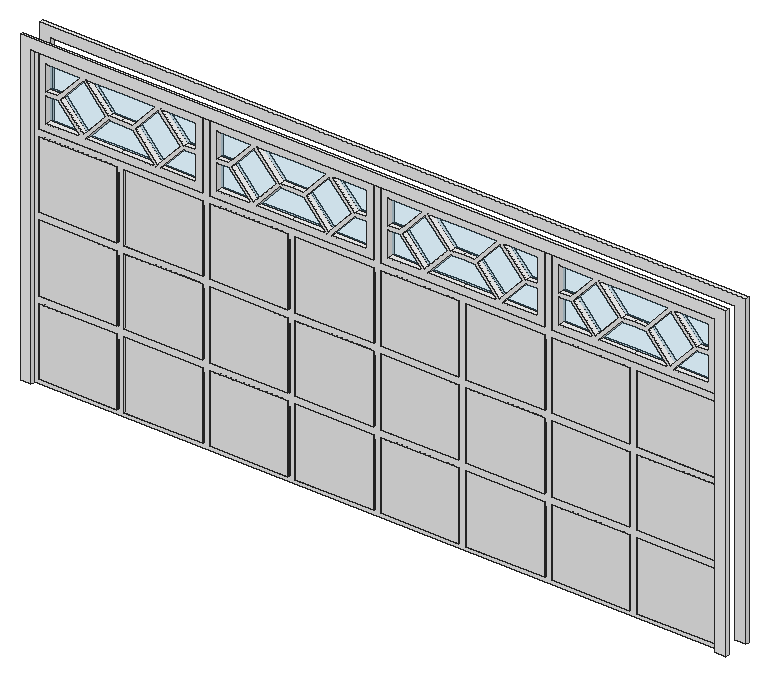
Revit family
Parameters (values of type "Overhead_Panel_Garage_Door_Contemporary_3")
  Frame Projection Ext. = 0' - 1"
  Frame Projection Int. = 0' - 1"
  Frame Width = 0' - 3"
  Height = 7' - 0"
  Wall Closure = (empty or 0)
  Width = 16' - 0"
  Assembly Code = ""
Reference planes (in)
  plane 1 "Center (Front/Back)": y = 0
  plane 2 "Center (Left/Right)": x = 0
  plane 3 "Left": x = -96
  plane 4 "Right": x = 96
  plane 5 "Top": z = 84
  plane 6: x = 72
  plane 7: x = 48
  plane 8: x = 24
  plane 9: x = 0
  plane 10: x = -24
  plane 11: x = -48
  plane 12: x = -72
  plane 13: z = 63
  plane 14: z = 42
  plane 15: z = 21
  plane 16: z = 84
  plane 17: z = 0
  plane 18: z = 0
  plane 19: x = -96
Forms (in)
  Extrusion 1, solid, material "Paint - White"
    sketch origin (-90, 3, 0) x (-1, 0, 0) y (0, 0, 1)
      loop
        line (-186, 84) -> (6, 84) -> (6, 0) -> (9, 0) -> (9, 87) -> (-189, 87) -> (-189, 0) -> (-186, 0) -> (-186, 84)
    from 0 to 1
  Extrusion 2, solid, material "JOSHUA(DEFAULT)"
    sketch origin (-90, -3, 0) x (1, 0, 0) y (0, 0, 1)
      loop
        line (-6, 0) -> (-6, 84) -> (186, 84) -> (186, 0) -> (189, 0) -> (189, 87) -> (-9, 87) -> (-9, 0) -> (-6, 0)
    from 0 to 1
  Extrusion 3, solid, material "Paint - White"
    sketch origin (0, 0, 0) x (1, 0, 0) y (0, 0, 1)
      loop
        line (96, 84) -> (-96, 84) -> (-96, 0) -> (96, 0) -> (96, 84)
      loop
        line (95, 83) -> (49, 83) -> (49, 64) -> (95, 64) -> (95, 83)
      loop
        line (95, 62) -> (73, 62) -> (73, 43) -> (95, 43) -> (95, 62)
      loop
        line (95, 20) -> (73, 20) -> (73, 1) -> (95, 1) -> (95, 20)
      loop
        line (95, 41) -> (73, 41) -> (73, 22) -> (95, 22) -> (95, 41)
      loop
        line (71, 41) -> (49, 41) -> (49, 22) -> (71, 22) -> (71, 41)
      loop
        line (71, 20) -> (49, 20) -> (49, 1) -> (71, 1) -> (71, 20)
      loop
        line (71, 62) -> (49, 62) -> (49, 43) -> (71, 43) -> (71, 62)
      loop
        line (47, 62) -> (25, 62) -> (25, 43) -> (47, 43) -> (47, 62)
      loop
        line (47, 41) -> (25, 41) -> (25, 22) -> (47, 22) -> (47, 41)
      loop
        line (47, 20) -> (25, 20) -> (25, 1) -> (47, 1) -> (47, 20)
      loop
        line (23, 62) -> (1, 62) -> (1, 43) -> (23, 43) -> (23, 62)
      loop
        line (23, 41) -> (1, 41) -> (1, 22) -> (23, 22) -> (23, 41)
      loop
        line (23, 20) -> (1, 20) -> (1, 1) -> (23, 1) -> (23, 20)
      loop
        line (-1, 62) -> (-23, 62) -> (-23, 43) -> (-1, 43) -> (-1, 62)
      loop
        line (-25, 41) -> (-47, 41) -> (-47, 22) -> (-25, 22) -> (-25, 41)
      loop
        line (-49, 20) -> (-71, 20) -> (-71, 1) -> (-49, 1) -> (-49, 20)
      loop
        line (-49, 62) -> (-71, 62) -> (-71, 43) -> (-49, 43) -> (-49, 62)
      loop
        line (-73, 62) -> (-95, 62) -> (-95, 43) -> (-73, 43) -> (-73, 62)
      loop
        line (-73, 41) -> (-95, 41) -> (-95, 22) -> (-73, 22) -> (-73, 41)
      loop
        line (-73, 20) -> (-95, 20) -> (-95, 1) -> (-73, 1) -> (-73, 20)
      loop
        line (-49, 41) -> (-71, 41) -> (-71, 22) -> (-49, 22) -> (-49, 41)
      loop
        line (-25, 62) -> (-47, 62) -> (-47, 43) -> (-25, 43) -> (-25, 62)
      loop
        line (-1, 41) -> (-23, 41) -> (-23, 22) -> (-1, 22) -> (-1, 41)
      loop
        line (-25, 20) -> (-47, 20) -> (-47, 1) -> (-25, 1) -> (-25, 20)
      loop
        line (-23, 20) -> (-23, 1) -> (-1, 1) -> (-1, 20) -> (-23, 20)
      loop
        line (47, 83) -> (1, 83) -> (1, 64) -> (47, 64) -> (47, 83)
      loop
        line (-1, 83) -> (-47, 83) -> (-47, 64) -> (-1, 64) -> (-1, 83)
      loop
        line (-49, 83) -> (-95, 83) -> (-95, 64) -> (-49, 64) -> (-49, 83)
    from 2.5 to 0
  Blend 4, solid, material "Paint - White"
    base sketch origin (0, 0, 0) x (1, 0, 0) y (0, 0, 1)
      loop
        line (95, 62) -> (73, 62) -> (73, 43) -> (95, 43) -> (95, 62)
    top sketch origin (0, 0, 0) x (1, 0, 0) y (0, 0, 1)
      loop
        line (94, 61) -> (74, 61) -> (74, 44) -> (94, 44) -> (94, 61)
    from 2 to 0.5
  Extrusion 5, solid, material "Paint - White"
    sketch origin (0, 0, 0) x (1, 0, 0) y (0, 0, 1)
      loop
        line (95, 62) -> (73, 62) -> (73, 43) -> (95, 43) -> (95, 62)
    from 2 to 2.5
  Blend 6, solid, material "Paint - White"
    base sketch origin (-24, 0, 0) x (1, 0, 0) y (0, 0, 1)
      loop
        line (95, 62) -> (73, 62) -> (73, 43) -> (95, 43) -> (95, 62)
    top sketch origin (-24, 0, 0) x (1, 0, 0) y (0, 0, 1)
      loop
        line (94, 61) -> (74, 61) -> (74, 44) -> (94, 44) -> (94, 61)
    from 2 to 0.5
  Extrusion 7, solid, material "Paint - White"
    sketch origin (-24, 0, 0) x (1, 0, 0) y (0, 0, 1)
      loop
        line (95, 62) -> (73, 62) -> (73, 43) -> (95, 43) -> (95, 62)
    from 2 to 2.5
  Blend 8, solid, material "Paint - White"
    base sketch origin (-48, 0, 0) x (1, 0, 0) y (0, 0, 1)
      loop
        line (95, 62) -> (73, 62) -> (73, 43) -> (95, 43) -> (95, 62)
    top sketch origin (-48, 0, 0) x (1, 0, 0) y (0, 0, 1)
      loop
        line (94, 61) -> (74, 61) -> (74, 44) -> (94, 44) -> (94, 61)
    from 2 to 0.5
  Extrusion 9, solid, material "Paint - White"
    sketch origin (-48, 0, 0) x (1, 0, 0) y (0, 0, 1)
      loop
        line (95, 62) -> (73, 62) -> (73, 43) -> (95, 43) -> (95, 62)
    from 2 to 2.5
  Blend 10, solid, material "Paint - White"
    base sketch origin (-72, 0, 0) x (1, 0, 0) y (0, 0, 1)
      loop
        line (95, 62) -> (73, 62) -> (73, 43) -> (95, 43) -> (95, 62)
    top sketch origin (-72, 0, 0) x (1, 0, 0) y (0, 0, 1)
      loop
        line (94, 61) -> (74, 61) -> (74, 44) -> (94, 44) -> (94, 61)
    from 2 to 0.5
  Extrusion 11, solid, material "Paint - White"
    sketch origin (-72, 0, 0) x (1, 0, 0) y (0, 0, 1)
      loop
        line (95, 62) -> (73, 62) -> (73, 43) -> (95, 43) -> (95, 62)
    from 2 to 2.5
  Blend 12, solid, material "Paint - White"
    base sketch origin (-96, 0, 0) x (1, 0, 0) y (0, 0, 1)
      loop
        line (95, 62) -> (73, 62) -> (73, 43) -> (95, 43) -> (95, 62)
    top sketch origin (-96, 0, 0) x (1, 0, 0) y (0, 0, 1)
      loop
        line (94, 61) -> (74, 61) -> (74, 44) -> (94, 44) -> (94, 61)
    from 2 to 0.5
  Extrusion 13, solid, material "Paint - White"
    sketch origin (-96, 0, 0) x (1, 0, 0) y (0, 0, 1)
      loop
        line (95, 62) -> (73, 62) -> (73, 43) -> (95, 43) -> (95, 62)
    from 2 to 2.5
  Blend 14, solid, material "Paint - White"
    base sketch origin (-120, 0, 0) x (1, 0, 0) y (0, 0, 1)
      loop
        line (95, 62) -> (73, 62) -> (73, 43) -> (95, 43) -> (95, 62)
    top sketch origin (-120, 0, 0) x (1, 0, 0) y (0, 0, 1)
      loop
        line (94, 61) -> (74, 61) -> (74, 44) -> (94, 44) -> (94, 61)
    from 2 to 0.5
  Extrusion 15, solid, material "Paint - White"
    sketch origin (-120, 0, 0) x (1, 0, 0) y (0, 0, 1)
      loop
        line (95, 62) -> (73, 62) -> (73, 43) -> (95, 43) -> (95, 62)
    from 2 to 2.5
  Blend 16, solid, material "Paint - White"
    base sketch origin (-144, 0, 0) x (1, 0, 0) y (0, 0, 1)
      loop
        line (95, 62) -> (73, 62) -> (73, 43) -> (95, 43) -> (95, 62)
    top sketch origin (-144, 0, 0) x (1, 0, 0) y (0, 0, 1)
      loop
        line (94, 61) -> (74, 61) -> (74, 44) -> (94, 44) -> (94, 61)
    from 2 to 0.5
  Extrusion 17, solid, material "Paint - White"
    sketch origin (-144, 0, 0) x (1, 0, 0) y (0, 0, 1)
      loop
        line (95, 62) -> (73, 62) -> (73, 43) -> (95, 43) -> (95, 62)
    from 2 to 2.5
  Blend 18, solid, material "Paint - White"
    base sketch origin (0, 0, -21) x (1, 0, 0) y (0, 0, 1)
      loop
        line (95, 62) -> (73, 62) -> (73, 43) -> (95, 43) -> (95, 62)
    top sketch origin (0, 0, -21) x (1, 0, 0) y (0, 0, 1)
      loop
        line (94, 61) -> (74, 61) -> (74, 44) -> (94, 44) -> (94, 61)
    from 2 to 0.5
  Extrusion 19, solid, material "Paint - White"
    sketch origin (0, 0, -21) x (1, 0, 0) y (0, 0, 1)
      loop
        line (95, 62) -> (73, 62) -> (73, 43) -> (95, 43) -> (95, 62)
    from 2 to 2.5
  Blend 20, solid, material "Paint - White"
    base sketch origin (0, 0, -42) x (1, 0, 0) y (0, 0, 1)
      loop
        line (95, 62) -> (73, 62) -> (73, 43) -> (95, 43) -> (95, 62)
    top sketch origin (0, 0, -42) x (1, 0, 0) y (0, 0, 1)
      loop
        line (94, 61) -> (74, 61) -> (74, 44) -> (94, 44) -> (94, 61)
    from 2 to 0.5
  Extrusion 21, solid, material "Paint - White"
    sketch origin (0, 0, -42) x (1, 0, 0) y (0, 0, 1)
      loop
        line (95, 62) -> (73, 62) -> (73, 43) -> (95, 43) -> (95, 62)
    from 2 to 2.5
  Blend 22, solid, material "Paint - White"
    base sketch origin (-24, 0, -21) x (1, 0, 0) y (0, 0, 1)
      loop
        line (95, 62) -> (73, 62) -> (73, 43) -> (95, 43) -> (95, 62)
    top sketch origin (-24, 0, -21) x (1, 0, 0) y (0, 0, 1)
      loop
        line (94, 61) -> (74, 61) -> (74, 44) -> (94, 44) -> (94, 61)
    from 2 to 0.5
  Extrusion 23, solid, material "Paint - White"
    sketch origin (-24, 0, -21) x (1, 0, 0) y (0, 0, 1)
      loop
        line (95, 62) -> (73, 62) -> (73, 43) -> (95, 43) -> (95, 62)
    from 2 to 2.5
  Blend 24, solid, material "Paint - White"
    base sketch origin (-24, 0, -42) x (1, 0, 0) y (0, 0, 1)
      loop
        line (95, 62) -> (73, 62) -> (73, 43) -> (95, 43) -> (95, 62)
    top sketch origin (-24, 0, -42) x (1, 0, 0) y (0, 0, 1)
      loop
        line (94, 61) -> (74, 61) -> (74, 44) -> (94, 44) -> (94, 61)
    from 2 to 0.5
  Extrusion 25, solid, material "Paint - White"
    sketch origin (-24, 0, -42) x (1, 0, 0) y (0, 0, 1)
      loop
        line (95, 62) -> (73, 62) -> (73, 43) -> (95, 43) -> (95, 62)
    from 2 to 2.5
  Blend 26, solid, material "Paint - White"
    base sketch origin (-48, 0, -21) x (1, 0, 0) y (0, 0, 1)
      loop
        line (95, 62) -> (73, 62) -> (73, 43) -> (95, 43) -> (95, 62)
    top sketch origin (-48, 0, -21) x (1, 0, 0) y (0, 0, 1)
      loop
        line (94, 61) -> (74, 61) -> (74, 44) -> (94, 44) -> (94, 61)
    from 2 to 0.5
  Extrusion 27, solid, material "Paint - White"
    sketch origin (-48, 0, -21) x (1, 0, 0) y (0, 0, 1)
      loop
        line (95, 62) -> (73, 62) -> (73, 43) -> (95, 43) -> (95, 62)
    from 2 to 2.5
  Blend 28, solid, material "Paint - White"
    base sketch origin (-48, 0, -42) x (1, 0, 0) y (0, 0, 1)
      loop
        line (95, 62) -> (73, 62) -> (73, 43) -> (95, 43) -> (95, 62)
    top sketch origin (-48, 0, -42) x (1, 0, 0) y (0, 0, 1)
      loop
        line (94, 61) -> (74, 61) -> (74, 44) -> (94, 44) -> (94, 61)
    from 2 to 0.5
  Extrusion 29, solid, material "Paint - White"
    sketch origin (-48, 0, -42) x (1, 0, 0) y (0, 0, 1)
      loop
        line (95, 62) -> (73, 62) -> (73, 43) -> (95, 43) -> (95, 62)
    from 2 to 2.5
  Blend 30, solid, material "Paint - White"
    base sketch origin (-72, 0, -21) x (1, 0, 0) y (0, 0, 1)
      loop
        line (95, 62) -> (73, 62) -> (73, 43) -> (95, 43) -> (95, 62)
    top sketch origin (-72, 0, -21) x (1, 0, 0) y (0, 0, 1)
      loop
        line (94, 61) -> (74, 61) -> (74, 44) -> (94, 44) -> (94, 61)
    from 2 to 0.5
  Extrusion 31, solid, material "Paint - White"
    sketch origin (-72, 0, -21) x (1, 0, 0) y (0, 0, 1)
      loop
        line (95, 62) -> (73, 62) -> (73, 43) -> (95, 43) -> (95, 62)
    from 2 to 2.5
  Blend 32, solid, material "Paint - White"
    base sketch origin (-72, 0, -42) x (1, 0, 0) y (0, 0, 1)
      loop
        line (95, 62) -> (73, 62) -> (73, 43) -> (95, 43) -> (95, 62)
    top sketch origin (-72, 0, -42) x (1, 0, 0) y (0, 0, 1)
      loop
        line (94, 61) -> (74, 61) -> (74, 44) -> (94, 44) -> (94, 61)
    from 2 to 0.5
  Extrusion 33, solid, material "Paint - White"
    sketch origin (-72, 0, -42) x (1, 0, 0) y (0, 0, 1)
      loop
        line (95, 62) -> (73, 62) -> (73, 43) -> (95, 43) -> (95, 62)
    from 2 to 2.5
  Blend 34, solid, material "Paint - White"
    base sketch origin (-96, 0, -21) x (1, 0, 0) y (0, 0, 1)
      loop
        line (95, 62) -> (73, 62) -> (73, 43) -> (95, 43) -> (95, 62)
    top sketch origin (-96, 0, -21) x (1, 0, 0) y (0, 0, 1)
      loop
        line (94, 61) -> (74, 61) -> (74, 44) -> (94, 44) -> (94, 61)
    from 2 to 0.5
  Extrusion 35, solid, material "Paint - White"
    sketch origin (-96, 0, -21) x (1, 0, 0) y (0, 0, 1)
      loop
        line (95, 62) -> (73, 62) -> (73, 43) -> (95, 43) -> (95, 62)
    from 2 to 2.5
  Blend 36, solid, material "Paint - White"
    base sketch origin (-96, 0, -42) x (1, 0, 0) y (0, 0, 1)
      loop
        line (95, 62) -> (73, 62) -> (73, 43) -> (95, 43) -> (95, 62)
    top sketch origin (-96, 0, -42) x (1, 0, 0) y (0, 0, 1)
      loop
        line (94, 61) -> (74, 61) -> (74, 44) -> (94, 44) -> (94, 61)
    from 2 to 0.5
  Extrusion 37, solid, material "Paint - White"
    sketch origin (-96, 0, -42) x (1, 0, 0) y (0, 0, 1)
      loop
        line (95, 62) -> (73, 62) -> (73, 43) -> (95, 43) -> (95, 62)
    from 2 to 2.5
  Blend 38, solid, material "Paint - White"
    base sketch origin (-120, 0, -21) x (1, 0, 0) y (0, 0, 1)
      loop
        line (95, 62) -> (73, 62) -> (73, 43) -> (95, 43) -> (95, 62)
    top sketch origin (-120, 0, -21) x (1, 0, 0) y (0, 0, 1)
      loop
        line (94, 61) -> (74, 61) -> (74, 44) -> (94, 44) -> (94, 61)
    from 2 to 0.5
  Extrusion 39, solid, material "Paint - White"
    sketch origin (-120, 0, -21) x (1, 0, 0) y (0, 0, 1)
      loop
        line (95, 62) -> (73, 62) -> (73, 43) -> (95, 43) -> (95, 62)
    from 2 to 2.5
  Blend 40, solid, material "Paint - White"
    base sketch origin (-120, 0, -42) x (1, 0, 0) y (0, 0, 1)
      loop
        line (95, 62) -> (73, 62) -> (73, 43) -> (95, 43) -> (95, 62)
    top sketch origin (-120, 0, -42) x (1, 0, 0) y (0, 0, 1)
      loop
        line (94, 61) -> (74, 61) -> (74, 44) -> (94, 44) -> (94, 61)
    from 2 to 0.5
  Extrusion 41, solid, material "Paint - White"
    sketch origin (-120, 0, -42) x (1, 0, 0) y (0, 0, 1)
      loop
        line (95, 62) -> (73, 62) -> (73, 43) -> (95, 43) -> (95, 62)
    from 2 to 2.5
  Blend 42, solid, material "Paint - White"
    base sketch origin (-144, 0, -21) x (1, 0, 0) y (0, 0, 1)
      loop
        line (95, 62) -> (73, 62) -> (73, 43) -> (95, 43) -> (95, 62)
    top sketch origin (-144, 0, -21) x (1, 0, 0) y (0, 0, 1)
      loop
        line (94, 61) -> (74, 61) -> (74, 44) -> (94, 44) -> (94, 61)
    from 2 to 0.5
  Extrusion 43, solid, material "Paint - White"
    sketch origin (-144, 0, -21) x (1, 0, 0) y (0, 0, 1)
      loop
        line (95, 62) -> (73, 62) -> (73, 43) -> (95, 43) -> (95, 62)
    from 2 to 2.5
  Blend 44, solid, material "Paint - White"
    base sketch origin (-144, 0, -42) x (1, 0, 0) y (0, 0, 1)
      loop
        line (95, 62) -> (73, 62) -> (73, 43) -> (95, 43) -> (95, 62)
    top sketch origin (-144, 0, -42) x (1, 0, 0) y (0, 0, 1)
      loop
        line (94, 61) -> (74, 61) -> (74, 44) -> (94, 44) -> (94, 61)
    from 2 to 0.5
  Extrusion 45, solid, material "Paint - White"
    sketch origin (-144, 0, -42) x (1, 0, 0) y (0, 0, 1)
      loop
        line (95, 62) -> (73, 62) -> (73, 43) -> (95, 43) -> (95, 62)
    from 2 to 2.5
  Blend 46, solid, material "Paint - White"
    base sketch origin (-168, 0, -21) x (1, 0, 0) y (0, 0, 1)
      loop
        line (95, 62) -> (73, 62) -> (73, 43) -> (95, 43) -> (95, 62)
    top sketch origin (-168, 0, -21) x (1, 0, 0) y (0, 0, 1)
      loop
        line (94, 61) -> (74, 61) -> (74, 44) -> (94, 44) -> (94, 61)
    from 2 to 0.5
  Extrusion 47, solid, material "Paint - White"
    sketch origin (-168, 0, -21) x (1, 0, 0) y (0, 0, 1)
      loop
        line (95, 62) -> (73, 62) -> (73, 43) -> (95, 43) -> (95, 62)
    from 2 to 2.5
  Blend 48, solid, material "Paint - White"
    base sketch origin (-168, 0, -42) x (1, 0, 0) y (0, 0, 1)
      loop
        line (95, 62) -> (73, 62) -> (73, 43) -> (95, 43) -> (95, 62)
    top sketch origin (-168, 0, -42) x (1, 0, 0) y (0, 0, 1)
      loop
        line (94, 61) -> (74, 61) -> (74, 44) -> (94, 44) -> (94, 61)
    from 2 to 0.5
  Extrusion 49, solid, material "Paint - White"
    sketch origin (-168, 0, -42) x (1, 0, 0) y (0, 0, 1)
      loop
        line (95, 62) -> (73, 62) -> (73, 43) -> (95, 43) -> (95, 62)
    from 2 to 2.5
  Blend 50, solid, material "Paint - White"
    base sketch origin (-168, 0, 0) x (1, 0, 0) y (0, 0, 1)
      loop
        line (95, 62) -> (73, 62) -> (73, 43) -> (95, 43) -> (95, 62)
    top sketch origin (-168, 0, 0) x (1, 0, 0) y (0, 0, 1)
      loop
        line (94, 61) -> (74, 61) -> (74, 44) -> (94, 44) -> (94, 61)
    from 2 to 0.5
  Extrusion 51, solid, material "Paint - White"
    sketch origin (-168, 0, 0) x (1, 0, 0) y (0, 0, 1)
      loop
        line (95, 62) -> (73, 62) -> (73, 43) -> (95, 43) -> (95, 62)
    from 2 to 2.5
  Extrusion 52, solid, material "Paint - White"
    sketch origin (0, 0, 0) x (1, 0, 0) y (0, 0, 1)
      loop
        line (95, 83) -> (49, 83) -> (49, 64) -> (95, 64) -> (95, 83)
      loop
        line (93, 81) -> (83.18394, 81) -> (89.71728, 74) -> (93, 74) -> (93, 81)
      loop
        line (72, 66) -> (81.81606, 66) -> (75.28272, 73) -> (72, 73) -> (68.71728, 73) -> (62.18394, 66) -> (72, 66)
      loop
        line (93, 66) -> (93, 73) -> (89.71728, 73) -> (83.18394, 66) -> (93, 66)
      loop
        line (82.5, 80.2672) -> (76.18394, 73.5) -> (82.5, 66.7328) -> (88.81606, 73.5) -> (82.5, 80.2672)
      loop
        line (81.81606, 81) -> (72, 81) -> (62.18394, 81) -> (68.71728, 74) -> (72, 74) -> (75.28272, 74) -> (81.81606, 81)
      loop
        line (51, 81) -> (51, 74) -> (54.28272, 74) -> (60.81606, 81) -> (51, 81)
      loop
        line (51, 66) -> (60.81606, 66) -> (54.28272, 73) -> (51, 73) -> (51, 66)
      loop
        line (61.5, 80.2672) -> (55.18394, 73.5) -> (61.5, 66.7328) -> (67.81606, 73.5) -> (61.5, 80.2672)
    from 0.5 to 2.5
  Extrusion 53, solid, material "Glass"
    sketch origin (0, 0, 0) x (1, 0, 0) y (0, 0, 1)
      loop
        line (93, 81) -> (83.18394, 81) -> (89.71728, 74) -> (93, 74) -> (93, 81)
      loop
        line (81.81606, 81) -> (62.18394, 81) -> (68.71728, 74) -> (75.28272, 74) -> (81.81606, 81)
      loop
        line (51, 81) -> (51, 74) -> (54.28272, 74) -> (60.81606, 81) -> (51, 81)
      loop
        line (93, 66) -> (93, 73) -> (89.71728, 73) -> (83.18394, 66) -> (93, 66)
      loop
        line (81.81606, 66) -> (75.28272, 73) -> (68.71728, 73) -> (62.18394, 66) -> (81.81606, 66)
      loop
        line (51, 66) -> (60.81606, 66) -> (54.28272, 73) -> (51, 73) -> (51, 66)
      loop
        line (82.5, 80.2672) -> (76.18394, 73.5) -> (82.5, 66.7328) -> (88.81606, 73.5) -> (82.5, 80.2672)
      loop
        line (61.5, 80.2672) -> (55.18394, 73.5) -> (61.5, 66.7328) -> (67.81606, 73.5) -> (61.5, 80.2672)
    from 1 to 1.25
  Extrusion 54, solid, material "Paint - White"
    sketch origin (-48, 0, 0) x (1, 0, 0) y (0, 0, 1)
      loop
        line (95, 83) -> (49, 83) -> (49, 64) -> (95, 64) -> (95, 83)
      loop
        line (93, 81) -> (83.18394, 81) -> (89.71728, 74) -> (93, 74) -> (93, 81)
      loop
        line (72, 66) -> (81.81606, 66) -> (75.28272, 73) -> (72, 73) -> (68.71728, 73) -> (62.18394, 66) -> (72, 66)
      loop
        line (93, 66) -> (93, 73) -> (89.71728, 73) -> (83.18394, 66) -> (93, 66)
      loop
        line (82.5, 80.2672) -> (76.18394, 73.5) -> (82.5, 66.7328) -> (88.81606, 73.5) -> (82.5, 80.2672)
      loop
        line (81.81606, 81) -> (72, 81) -> (62.18394, 81) -> (68.71728, 74) -> (72, 74) -> (75.28272, 74) -> (81.81606, 81)
      loop
        line (51, 81) -> (51, 74) -> (54.28272, 74) -> (60.81606, 81) -> (51, 81)
      loop
        line (51, 66) -> (60.81606, 66) -> (54.28272, 73) -> (51, 73) -> (51, 66)
      loop
        line (61.5, 80.2672) -> (55.18394, 73.5) -> (61.5, 66.7328) -> (67.81606, 73.5) -> (61.5, 80.2672)
    from 0.5 to 2.5
  Extrusion 55, solid, material "Glass"
    sketch origin (-48, 0, 0) x (1, 0, 0) y (0, 0, 1)
      loop
        line (93, 81) -> (83.18394, 81) -> (89.71728, 74) -> (93, 74) -> (93, 81)
      loop
        line (81.81606, 81) -> (62.18394, 81) -> (68.71728, 74) -> (75.28272, 74) -> (81.81606, 81)
      loop
        line (51, 81) -> (51, 74) -> (54.28272, 74) -> (60.81606, 81) -> (51, 81)
      loop
        line (93, 66) -> (93, 73) -> (89.71728, 73) -> (83.18394, 66) -> (93, 66)
      loop
        line (81.81606, 66) -> (75.28272, 73) -> (68.71728, 73) -> (62.18394, 66) -> (81.81606, 66)
      loop
        line (51, 66) -> (60.81606, 66) -> (54.28272, 73) -> (51, 73) -> (51, 66)
      loop
        line (82.5, 80.2672) -> (76.18394, 73.5) -> (82.5, 66.7328) -> (88.81606, 73.5) -> (82.5, 80.2672)
      loop
        line (61.5, 80.2672) -> (55.18394, 73.5) -> (61.5, 66.7328) -> (67.81606, 73.5) -> (61.5, 80.2672)
    from 1 to 1.25
  Extrusion 56, solid, material "Paint - White"
    sketch origin (-96, 0, 0) x (1, 0, 0) y (0, 0, 1)
      loop
        line (95, 83) -> (49, 83) -> (49, 64) -> (95, 64) -> (95, 83)
      loop
        line (93, 81) -> (83.18394, 81) -> (89.71728, 74) -> (93, 74) -> (93, 81)
      loop
        line (72, 66) -> (81.81606, 66) -> (75.28272, 73) -> (72, 73) -> (68.71728, 73) -> (62.18394, 66) -> (72, 66)
      loop
        line (93, 66) -> (93, 73) -> (89.71728, 73) -> (83.18394, 66) -> (93, 66)
      loop
        line (82.5, 80.2672) -> (76.18394, 73.5) -> (82.5, 66.7328) -> (88.81606, 73.5) -> (82.5, 80.2672)
      loop
        line (81.81606, 81) -> (72, 81) -> (62.18394, 81) -> (68.71728, 74) -> (72, 74) -> (75.28272, 74) -> (81.81606, 81)
      loop
        line (51, 81) -> (51, 74) -> (54.28272, 74) -> (60.81606, 81) -> (51, 81)
      loop
        line (51, 66) -> (60.81606, 66) -> (54.28272, 73) -> (51, 73) -> (51, 66)
      loop
        line (61.5, 80.2672) -> (55.18394, 73.5) -> (61.5, 66.7328) -> (67.81606, 73.5) -> (61.5, 80.2672)
    from 0.5 to 2.5
  Extrusion 57, solid, material "Glass"
    sketch origin (-96, 0, 0) x (1, 0, 0) y (0, 0, 1)
      loop
        line (93, 81) -> (83.18394, 81) -> (89.71728, 74) -> (93, 74) -> (93, 81)
      loop
        line (81.81606, 81) -> (62.18394, 81) -> (68.71728, 74) -> (75.28272, 74) -> (81.81606, 81)
      loop
        line (51, 81) -> (51, 74) -> (54.28272, 74) -> (60.81606, 81) -> (51, 81)
      loop
        line (93, 66) -> (93, 73) -> (89.71728, 73) -> (83.18394, 66) -> (93, 66)
      loop
        line (81.81606, 66) -> (75.28272, 73) -> (68.71728, 73) -> (62.18394, 66) -> (81.81606, 66)
      loop
        line (51, 66) -> (60.81606, 66) -> (54.28272, 73) -> (51, 73) -> (51, 66)
      loop
        line (82.5, 80.2672) -> (76.18394, 73.5) -> (82.5, 66.7328) -> (88.81606, 73.5) -> (82.5, 80.2672)
      loop
        line (61.5, 80.2672) -> (55.18394, 73.5) -> (61.5, 66.7328) -> (67.81606, 73.5) -> (61.5, 80.2672)
    from 1 to 1.25
  Extrusion 58, solid, material "Paint - White"
    sketch origin (-144, 0, 0) x (1, 0, 0) y (0, 0, 1)
      loop
        line (95, 83) -> (49, 83) -> (49, 64) -> (95, 64) -> (95, 83)
      loop
        line (93, 81) -> (83.18394, 81) -> (89.71728, 74) -> (93, 74) -> (93, 81)
      loop
        line (72, 66) -> (81.81606, 66) -> (75.28272, 73) -> (72, 73) -> (68.71728, 73) -> (62.18394, 66) -> (72, 66)
      loop
        line (93, 66) -> (93, 73) -> (89.71728, 73) -> (83.18394, 66) -> (93, 66)
      loop
        line (82.5, 80.2672) -> (76.18394, 73.5) -> (82.5, 66.7328) -> (88.81606, 73.5) -> (82.5, 80.2672)
      loop
        line (81.81606, 81) -> (72, 81) -> (62.18394, 81) -> (68.71728, 74) -> (72, 74) -> (75.28272, 74) -> (81.81606, 81)
      loop
        line (51, 81) -> (51, 74) -> (54.28272, 74) -> (60.81606, 81) -> (51, 81)
      loop
        line (51, 66) -> (60.81606, 66) -> (54.28272, 73) -> (51, 73) -> (51, 66)
      loop
        line (61.5, 80.2672) -> (55.18394, 73.5) -> (61.5, 66.7328) -> (67.81606, 73.5) -> (61.5, 80.2672)
    from 0.5 to 2.5
  Extrusion 59, solid, material "Glass"
    sketch origin (-144, 0, 0) x (1, 0, 0) y (0, 0, 1)
      loop
        line (93, 81) -> (83.18394, 81) -> (89.71728, 74) -> (93, 74) -> (93, 81)
      loop
        line (81.81606, 81) -> (62.18394, 81) -> (68.71728, 74) -> (75.28272, 74) -> (81.81606, 81)
      loop
        line (51, 81) -> (51, 74) -> (54.28272, 74) -> (60.81606, 81) -> (51, 81)
      loop
        line (93, 66) -> (93, 73) -> (89.71728, 73) -> (83.18394, 66) -> (93, 66)
      loop
        line (81.81606, 66) -> (75.28272, 73) -> (68.71728, 73) -> (62.18394, 66) -> (81.81606, 66)
      loop
        line (51, 66) -> (60.81606, 66) -> (54.28272, 73) -> (51, 73) -> (51, 66)
      loop
        line (82.5, 80.2672) -> (76.18394, 73.5) -> (82.5, 66.7328) -> (88.81606, 73.5) -> (82.5, 80.2672)
      loop
        line (61.5, 80.2672) -> (55.18394, 73.5) -> (61.5, 66.7328) -> (67.81606, 73.5) -> (61.5, 80.2672)
    from 1 to 1.25
  Extrusion 60, solid, material "Glass"
    sketch origin (-48, 0, 0) x (1, 0, 0) y (0, 0, 1)
      loop
        line (93, 81) -> (83.18394, 81) -> (89.71728, 74) -> (93, 74) -> (93, 81)
      loop
        line (81.81606, 81) -> (62.18394, 81) -> (68.71728, 74) -> (75.28272, 74) -> (81.81606, 81)
      loop
        line (51, 81) -> (51, 74) -> (54.28272, 74) -> (60.81606, 81) -> (51, 81)
      loop
        line (93, 66) -> (93, 73) -> (89.71728, 73) -> (83.18394, 66) -> (93, 66)
      loop
        line (81.81606, 66) -> (75.28272, 73) -> (68.71728, 73) -> (62.18394, 66) -> (81.81606, 66)
      loop
        line (51, 66) -> (60.81606, 66) -> (54.28272, 73) -> (51, 73) -> (51, 66)
      loop
        line (82.5, 80.2672) -> (76.18394, 73.5) -> (82.5, 66.7328) -> (88.81606, 73.5) -> (82.5, 80.2672)
      loop
        line (61.5, 80.2672) -> (55.18394, 73.5) -> (61.5, 66.7328) -> (67.81606, 73.5) -> (61.5, 80.2672)
    from 1 to 1.25
  Extrusion 61, solid, material "Glass"
    sketch origin (-96, 0, 0) x (1, 0, 0) y (0, 0, 1)
      loop
        line (93, 81) -> (83.18394, 81) -> (89.71728, 74) -> (93, 74) -> (93, 81)
      loop
        line (81.81606, 81) -> (62.18394, 81) -> (68.71728, 74) -> (75.28272, 74) -> (81.81606, 81)
      loop
        line (51, 81) -> (51, 74) -> (54.28272, 74) -> (60.81606, 81) -> (51, 81)
      loop
        line (93, 66) -> (93, 73) -> (89.71728, 73) -> (83.18394, 66) -> (93, 66)
      loop
        line (81.81606, 66) -> (75.28272, 73) -> (68.71728, 73) -> (62.18394, 66) -> (81.81606, 66)
      loop
        line (51, 66) -> (60.81606, 66) -> (54.28272, 73) -> (51, 73) -> (51, 66)
      loop
        line (82.5, 80.2672) -> (76.18394, 73.5) -> (82.5, 66.7328) -> (88.81606, 73.5) -> (82.5, 80.2672)
      loop
        line (61.5, 80.2672) -> (55.18394, 73.5) -> (61.5, 66.7328) -> (67.81606, 73.5) -> (61.5, 80.2672)
    from 1 to 1.25
  Extrusion 62, solid, material "Glass"
    sketch origin (-144, 0, 0) x (1, 0, 0) y (0, 0, 1)
      loop
        line (93, 81) -> (83.18394, 81) -> (89.71728, 74) -> (93, 74) -> (93, 81)
      loop
        line (81.81606, 81) -> (62.18394, 81) -> (68.71728, 74) -> (75.28272, 74) -> (81.81606, 81)
      loop
        line (51, 81) -> (51, 74) -> (54.28272, 74) -> (60.81606, 81) -> (51, 81)
      loop
        line (93, 66) -> (93, 73) -> (89.71728, 73) -> (83.18394, 66) -> (93, 66)
      loop
        line (81.81606, 66) -> (75.28272, 73) -> (68.71728, 73) -> (62.18394, 66) -> (81.81606, 66)
      loop
        line (51, 66) -> (60.81606, 66) -> (54.28272, 73) -> (51, 73) -> (51, 66)
      loop
        line (82.5, 80.2672) -> (76.18394, 73.5) -> (82.5, 66.7328) -> (88.81606, 73.5) -> (82.5, 80.2672)
      loop
        line (61.5, 80.2672) -> (55.18394, 73.5) -> (61.5, 66.7328) -> (67.81606, 73.5) -> (61.5, 80.2672)
    from 1 to 1.25
Lines and regions (in)
  Opening 1
    outline origin (-90, -3, 0) x (1, 0, 0) y (0, 0, 1)
      loop
        line (-6, 0) -> (186, 0) -> (186, 84) -> (-6, 84) -> (-6, 0)
Text (in)
  text "Exterior" at (-58.67754, 27.31104, 0), in view "Ref. Level"
  text "Interior" at (-58.34764, -25.14366, 0), in view "Ref. Level"
  text "Exterior" at (0, 40.15149, 123.01588), in view "Right"
  text "Interior" at (0, -64.39139, 123.01588), in view "Right"
  text "Interior" at (0, -31.01599, 123.00693), in view "Left"
  text "Exterior" at (0, 54.57065, 123.00693), in view "Left"
